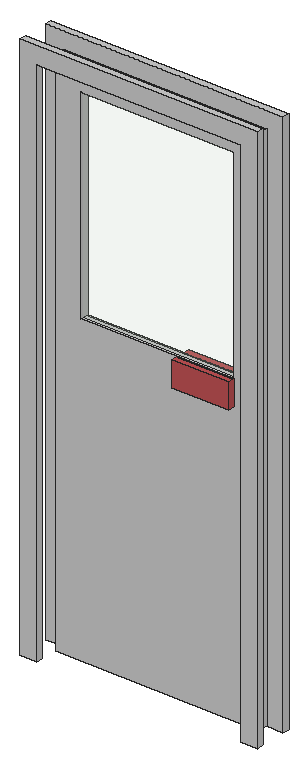
Revit family "Porta_Simples_Visor", category Doors, host Wall, Revit 2025
Family settings
  Host = Wall
  OmniClass Number = 23.30.10.00
  OmniClass Title = Doors
  Always vertical = Yes
  Cut with Voids When Loaded = No
  Shared = No
  Room Calculation Point = Yes
Parameters (values of type "Porta_80_Visor")
  Thickness = 35.00 mm
  Porta_Visor = CT_Vidros
  Material_Controle [instance] = CT_Controle_Acesso
  Function = Interior
  Door Material = CT_Portas
  Frame Material = CT_Aduelas
  Height = 2100.00 mm
  Trim Projection Ext = 25.00 mm
  Trim Projection Int = 25.00 mm
  Trim Width = 66.00 mm
  Wall Closure = By host
  Width = 800.00 mm
  Define Thermal Properties by = Schematic Type
  ComControledeAcesso [instance] = yes
  Analytic Construction = "<None>"
  Aberta 90 graus [instance] = yes
  Aberta 45 Graus [instance] = not(Aberta 90 graus)  # no
Reference planes
  plane 1: y = 0
  plane 2: z = 0
  plane 3: x = 0
  plane 4: x = -400
  plane 5: x = 400
  plane 6: z = 2100
Forms (mm)
  Extrusion 1, solid, material "CT_Portas" <- "Door Material"
    sketch origin (0, 0, 0) x (1, 0, 0) y (0, 0, 1)
      loop
        line (-400, 2100) -> (-400, 0) -> (400, 0) -> (400, 2100) -> (-400, 2100)
      loop
        line (-300, 2000) -> (-300, 1200) -> (300, 1200) -> (300, 2000) -> (-300, 2000)
    from -50 to -15
  Extrusion 2, solid, material "CT_Aduelas" <- "Frame Material"
    sketch origin (-1524, -50, 0) x (1, 0, 0) y (0, 0, 1)
      loop
        line (1058, 2166) -> (1058, 0) -> (1124, 0) -> (1124, 2100) -> (1924, 2100) -> (1924, 0) -> (1990, 0) -> (1990, 2166) -> (1058, 2166)
    from 0 to 25
  Extrusion 3, solid, material "CT_Aduelas" <- "Frame Material"
    sketch origin (-1524, 50, 0) x (-1, 0, 0) y (0, 0, 1)
      loop
        line (-1990, 2166) -> (-1990, 0) -> (-1924, 0) -> (-1924, 2100) -> (-1124, 2100) -> (-1124, 0) -> (-1058, 0) -> (-1058, 2166) -> (-1990, 2166)
    from 0 to 25
  Extrusion 4, solid, material "CT_Vidros" <- "Porta_Visor"
    sketch origin (0, 15, 0) x (1, 0, 0) y (0, 0, 1)
      loop
        line (-300, 2000) -> (-300, 1200) -> (300, 1200) -> (300, 2000) -> (-300, 2000)
    from -24.626 to -10.089
  Extrusion 5, solid, material "CT_Controle_Acesso" <- "Material_Controle", visible <- "ComControledeAcesso"
    sketch origin (-872.172, 101.517, 0) x (-1, 0, 0) y (0, -1, 0)
      loop
        line (-948.744, 86.517) -> (-948.744, 111.517) -> (-1172.172, 111.517) -> (-1172.172, 86.517) -> (-948.744, 86.517)
    from 1102.653 to 1200
  Extrusion 6, solid, material "CT_Controle_Acesso" <- "Material_Controle", visible <- "ComControledeAcesso"
    sketch origin (-872.172, 15.883, 0) x (-1, 0, 0) y (0, -1, 0)
      loop
        line (-948.744, -34.117) -> (-1172.172, -34.117) -> (-1172.172, -59.117) -> (-948.744, -59.117) -> (-948.744, -34.117)
    from 1102.653 to 1200
Lines and regions (mm)
  Opening 1
    outline origin (-1524, -50, 3657.6) x (0, 0, -1) y (1, 0, 0)
      loop
        line (1557.6, 1124) -> (3657.6, 1124) -> (3657.6, 1924) -> (1557.6, 1924) -> (1557.6, 1124)
  symbolic lines, style "DoorsPanelProjection", visible <- "Aberta 90 graus"
    curve 1: line (400, 50, 0) -> (365, 50, 0)
    curve 2: line (400, 50, 0) -> (400, 850, 0)
    curve 3: line (400, 850, 0) -> (365, 850, 0)
    curve 4: line (365, 50, 0) -> (365, 850, 0)
  model lines, style "DoorsFrameMullionProjection"
    curve 5: line (-466, -50, 0) -> (-466, -50, 2166)
    curve 6: line (-466, -50, 2166) -> (466, -50, 2166)
    curve 7: line (466, -50, 2166) -> (466, -50, 0)
    curve 8: line (466, 50, 0) -> (466, 50, 2166)
    curve 9: line (-466, 50, 2166) -> (466, 50, 2166)
    curve 10: line (-466, 50, 2166) -> (-466, 50, 0)
    curve 16: line (346.669, 122.869, 0) -> (346.669, 122.869, 2166)
  symbolic lines, style "Plan Swing", visible <- "Aberta 45 Graus"
    curve 11: arc (-188.585, 591.819, 0) -> (-345.274, 340.803, 0) -> (-400, 50, 0) r 800
  symbolic lines, style "DoorsPanelProjection", visible <- "Aberta 45 Graus"
    curve 12: line (400, 50, 0) -> (377.201, 25.251, 0)
    curve 13: line (400, 50, 0) -> (-187.864, 591.556, 0)
    curve 14: line (-187.864, 591.556, 0) -> (-210.663, 566.808, 0)
    curve 15: line (377.201, 25.251, 0) -> (-210.663, 566.808, 0)
  symbolic lines, style "Plan Swing", visible <- "Aberta 90 graus"
    curve 17: arc (400, 850, 0) -> (-165.685, 615.685, 0) -> (-400, 50, 0) r 800
Dimensions and locks
  equal spacing: plane 4, plane 3, plane 5
  "Width": plane 4 to plane 5
  locked: host wall to curve 1
  control icon elem to plane 5 = 204.408 mm
  "Height": plane 6 to plane 2
  "Trim Width": plane 4 to curve 5
  "Trim Width": plane 5 to curve 7
  "Trim Width": plane 6 to curve 6
  locked: curve 9 to host wall
  "Trim Projection Ext": Extrusion 3 to host wall
  "Trim Projection Int": Extrusion 2 to host wall
  "Thickness": curve 4 to plane 5
  "Thickness": Extrusion 1 to host wall
  plane 6 to level = 2100.00 mm
  "Width": curve 3 to curve 2
  locked: Extrusion 1 to Extrusion 4 at 10.374
  locked: Extrusion 4 to Extrusion 4 at 14.538
  locked: Extrusion 5 to Extrusion 5 at 25
  locked: Extrusion 6 to Extrusion 6 at 25
  "Width": radius of curve 17
  "Width": radius of curve 11
  aligned and locked: host wall to Extrusion 1
  aligned and locked: plane 2 to curve 5
  aligned and locked: curve 7 to level
  aligned and locked: curve 8 to curve 7
  aligned and locked: curve 6 to Extrusion 2 sketch curve
  aligned and locked: Extrusion 2 sketch curve to curve 5
  aligned and locked: Extrusion 2 sketch curve to curve 7
  aligned and locked: Extrusion 2 to Extrusion 3 sketch curve
  aligned and locked: Extrusion 3 sketch curve to Extrusion 2  (x2)
  aligned and locked: Extrusion 6 to Extrusion 1  (x2)
  aligned and locked: Extrusion 5 to Extrusion 1  (x2)
  aligned and locked: Extrusion 4 to Extrusion 1  (x4)
  aligned and locked: Extrusion 1 to Extrusion 5
  aligned and locked: Extrusion 1 to Extrusion 6
Automatic sketch dimensions
  Opening 1 sketch curve to plane 6 = 0.00 mm
  Opening 1 sketch curve to level = 0.00 mm
  Opening 1 sketch curve to plane 4 = 0.00 mm
  Opening 1 sketch curve to plane 5 = 0.00 mm
  Extrusion 2 sketch curve to level = 0.00 mm  (x2)
  Extrusion 2 sketch curve to plane 4 = 0.00 mm
  Extrusion 2 sketch curve to plane 5 = 0.00 mm
  Extrusion 2 sketch curve to plane 6 = 0.00 mm
  Extrusion 3 sketch curve to level = 0.00 mm  (x2)
  Extrusion 3 sketch curve to plane 5 = 0.00 mm
  Extrusion 3 sketch curve to plane 4 = 0.00 mm
  Extrusion 3 sketch curve to plane 6 = 0.00 mm
  curve 8 to level = 0.00 mm
  curve 10 to level = 0.00 mm
  curve 10 to curve 5 = 0.00 mm  (x2)
  level to curve 16 = 0.00 mm
  curve 16 to plane 6 = 66.00 mm
  Extrusion 1 sketch curve to level = 0.00 mm
  plane 4 to Extrusion 1 sketch curve = 0.00 mm
  plane 5 to Extrusion 1 sketch curve = 0.00 mm
  Extrusion 1 sketch curve to plane 6 = 0.00 mm
  Extrusion 1 sketch curve to plane 4 = 100.00 mm
  plane 3 to Extrusion 1 sketch curve = 300.00 mm
  level to Extrusion 1 sketch curve = 1200.00 mm
  plane 6 to Extrusion 1 sketch curve = 100.00 mm
  host wall to Extrusion 5 sketch curve = 35.00 mm
  Extrusion 5 sketch curve to plane 5 = 100.00 mm
  Extrusion 5 sketch curve to host wall = 10.00 mm
  Extrusion 5 sketch curve to plane 3 = 76.573 mm
  Extrusion 6 sketch curve to host wall = 0.00 mm
  plane 5 to Extrusion 6 sketch curve = 100.00 mm
  host wall to Extrusion 6 sketch curve = 25.00 mm
  plane 3 to Extrusion 6 sketch curve = 76.573 mm
  Extrusion 4 sketch curve to Extrusion 1 = 100.00 mm  (x2)
  Extrusion 4 sketch curve to Extrusion 1 = 0.00 mm
  Extrusion 1 to Extrusion 4 sketch curve = 0.00 mm
  curve 2 to plane 5 = 0.00 mm
  curve 14 to plane 4 = 189.337 mm
  curve 14 to curve 14 = 22.799 mm
  curve 11 to curve 13 = 0.72 mm
